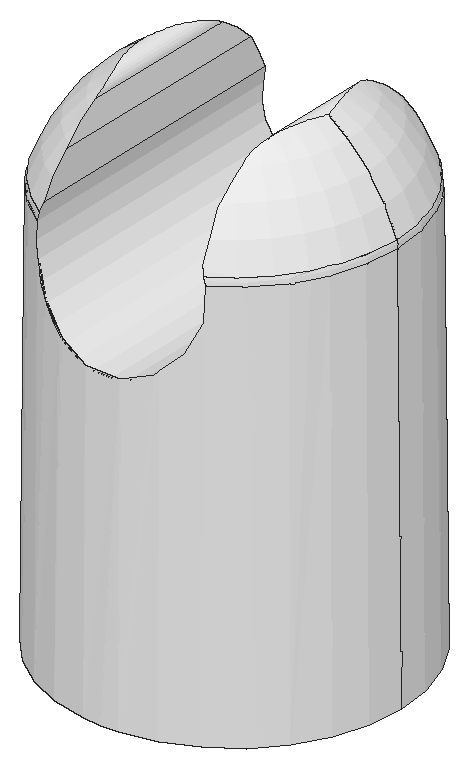
Revit family "Grohe_PlumbingFixture_Relexa_WallHandShowerHolder_28605000a", category Plumbing Fixtures, host Face, Revit 2018
Family settings
  Host = Face
  Round Connector Dimension = Use Diameter
  Part Type = Normal
  OmniClass Number = 23.65.00.00
  OmniClass Title = Supply and Distribution of Liquids and Gases
  Cut with Voids When Loaded = No
  Shared = No
  Room Calculation Point = No
Parameters (values of type "28605000")
  _ObjectUserGuide = "www.bimstore.co"
  _DistributedBy = "www.bimstore.co"
  _CurrentRevision = 1
  _CreatedBy = "www.bimstore.co"
  _BimSpecGuid = 0
  _BSBibleVersion = 16
  _AuthorizedBy = "bimstore"
  _Author = "RL"
  WarrantyStartDate [instance] = "Please record on commissioning."
  WarrantyGuarantorParts = "info-uk@grohe.com"
  WarrantyGuarantorLabor = "info-uk@grohe.com"
  WarrantyDurationUnit = "Years"
  WarrantyDurationParts = "0"
  WarrantyDurationLabor = "0"
  WarrantyDescription = "n/a"
  URL = "www.grohe.com"
  TypeName = "RELEXA - WALL HAND SHOWER HOLDER"
  Type Comments = "WALL HAND SHOWER HOLDER"
  SpareParts = "info-uk@grohe.com"
  Size = "n/a"
  Shape = "n/a"
  SerialNumber [instance] = "Please record on commissioning."
  ReplacementCost = "n/a"
  ReferencedStandard = "n/a"
  ProductionYear = "2020"
  ProductPageURL = "https://www.grohe.co.uk/en_gb/wall-hand-shower-holder-28605000.html"
  ProductDocumentationLink = "n/a"
  PercentageOfRecycledContent = "n/a"
  NominalLength = 0 mm
  NominalHeight = 0 mm
  NominalDepth = 0 mm
  NBSReference = "n/a"
  NBSOfficeMasterTag = "n/a"
  NBSObjectName = "Grohe - Shower head holders"
  NBSNote = ""
  NBSDescription = "Shower head holders"
  ModelReference = "RELEXA - WALL HAND SHOWER HOLDER"
  ModelNumber = "28605000"
  Model = "RELEXA"
  Material = "n/a"
  MasterformatTitle = "Sanitary Facilities"
  MasterformatNumber = "01 52 19"
  ManufacturerName = "Grohe"
  Manufacturer = "Grohe"
  LowEmittingMaterial = no
  LEEDCredit = "n/a"
  Keynote = "N13"
  InstallationDate [instance] = "Please record on commissioning."
  IndustryStandards = "n/a"
  IfcExportType = "IfcPipeFittingType"
  IfcExportAs = "IfcPipeFitting"
  HotWaterConnectionDiameter = 10 mm
  HWFU = 0
  Grade = "n/a"
  Finish = "n/a"
  Features = "non-adjustable \r\nGROHE StarLight chrome finish"
  FaucetMaterial = Grohe-Chrome
  ExpectedLife = 0
  Ecojoy = no
  DurationUnit = "Years"
  DocumentationTechnical = "www.grohe.co.uk/"
  DocumentationMaintenance = "www.grohe.co.uk/"
  DocumentationLiterature = "www.grohe.co.uk/"
  DocumentationInstallationGuide = "www.grohe.co.uk/"
  DocumentationCertificates = "www.grohe.co.uk/"
  Description = "n/a"
  Default Elevation = 0 mm
  CreatedOn = "2020-03-01T09:00:00"
  CreatedBy = "info-uk@grohe.com"
  Cost = 0
  ContactGrohe = "info-uk@grohe.com"
  Constituents = "n/a"
  Color = "Chrome"
  ColdWaterConnectionDiameter = 10 mm
  CodePerformance = "n/a"
  ClassificationValue = "Pr_40_20_87_77"
  ClassificationName = "Uniclass 2015"
  CWFU = 0
  BarCode [instance] = "Please record on commissioning."
  BIMObjectName = "Grohe_PlumbingFixture_Relexa_WallHandShowerHolder_28605000"
  AssetType = "Fixed"
  AssetIdentifier [instance] = "Please record on commissioning."
  Assembly Code = "D2010"
  AccessibilityPerformance = "n/a"
  ADACompliant = no
Reference planes
  plane 1 "Center (Front/Back)": y = 0
  plane 2: z = 0
  plane 3 "Center (Left/Right)": x = 0
Forms (mm)
  Revolve 1, solid, material "Grohe-Chrome" <- "FaucetMaterial"
    sketch origin (0, 0, 0) x (1, 0, 0) y (0, 0, 1)
      loop
        line (0, 0) -> (0, 64)
        arc (0, 64) -> (-11.941, 60.164) -> (-19.412, 50.09) r 20.5
        arc (-19.412, 50.09) -> (-19.529, 49.627) -> (-19.571, 49.152) r 3
        line (-19.571, 49.152) -> (-20, 0) -> (0, 0)
      axis (0, 0) -> (0, 64)
    angle from 0 to 360
  Extrusion 2, void
    sketch origin (0, 0, 0) x (1, 0, 0) y (0, 0, 1)
      loop
        arc (-9.014, 59.277) -> (-9.045, 57.548) -> (-9.024, 55.818) r 58.12
        arc (-9.024, 55.818) -> (-9.375, 53.491) -> (-9.502, 51.14) r 24.623
        arc (-9.502, 51.14) -> (-0.054, 37.386) -> (9.502, 51.065) r 10.149
        arc (9.502, 51.065) -> (9.379, 53.453) -> (9.024, 55.818) r 24.623
        arc (9.024, 55.818) -> (9.045, 57.548) -> (9.014, 59.277) r 58.12
        arc (9.014, 59.277) -> (9.783, 60.636) -> (11.344, 60.576) r 1.5
        line (11.344, 60.576) -> (11.344, 65.576) -> (-11.344, 65.576) -> (-11.344, 60.576)
        arc (-11.344, 60.576) -> (-9.783, 60.636) -> (-9.014, 59.277) r 1.5
    from -25 to 25
Cuts and joins
  Extrusion 2 cuts Revolve 1
Dimensions and locks
  aligned and locked: plane 2 to host face
  aligned and locked: level to host face
